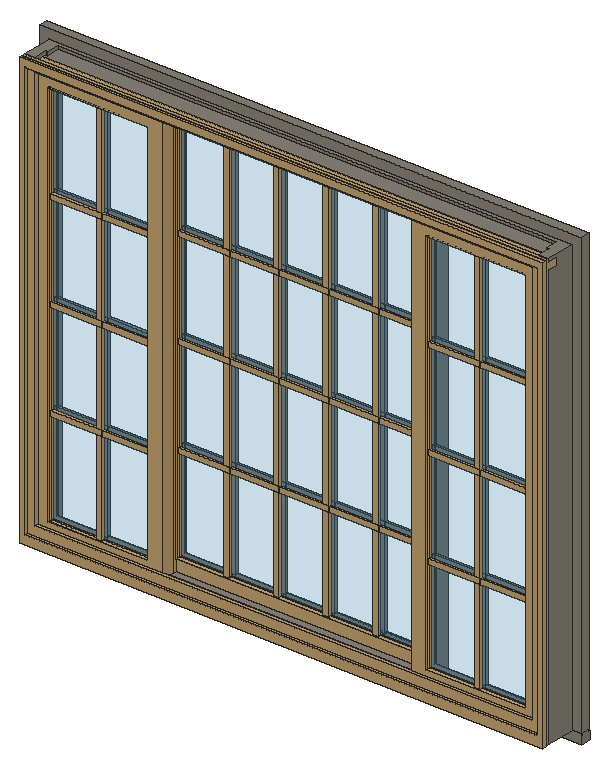
Revit family (continued)
Definition of nested family "Muntins"
  Dimensions and locks (in)
    aligned and locked: cut or joined group of Extrusion 7, Extrusion 8, Extrusion 9, Extrusion 10 to curve 10  (x2)
  Automatic sketch dimensions
    Extrusion 1 sketch curve to plane 4 = 0' - 0"
    Extrusion 1 sketch curve to plane 3 "Center (Left/Right)" = 0' - 0 3/8"
    Extrusion 2 sketch curve to plane 14 = 0' - 0"
    Extrusion 2 sketch curve to plane 5 = 0' - 0 3/8"
    Extrusion 7 sketch curve to plane 4 = 0' - 0"
    Extrusion 7 sketch curve to plane 19 = 0' - 0"
    Extrusion 8 sketch curve to plane 4 = 0' - 0"
    Extrusion 8 sketch curve to plane 20 = 0' - 0 3/4"
    Extrusion 9 sketch curve to plane 14 = 0' - 0"
    Extrusion 9 sketch curve to plane 17 = 0' - 0 3/4"
    Extrusion 10 sketch curve to plane 14 = 0' - 0"
    Extrusion 10 sketch curve to plane 18 = 0' - 0"
    plane 19 to curve 9 = 0' - 0 3/8"
    curve 10 to plane 20 = 0' - 0 3/8"
    plane 18 to curve 8 = 0' - 0 3/8"
    curve 7 to plane 17 = 0' - 0 3/8"
Definition of nested family "Casing_Clad"
  Parameters (values of type "Casing_Clad")
    Width = 16' - 0"
    Subsill Visibility = yes
    Subsill Offset = if(Flat Casing Visibility, 0' 3", if(BMC Visibility, 0' 1 5/16", 0' 0"))  # 0' - 1 5/16"
    Subsill Height = 0' - 1 11/32"
    Height = 12' - 0"
    Flat Casing Visibility = no
    Cladding Finish = Aluminum-Marvin-Bronze
    Casing Offset = if(BMC Visibility, 0' 0 3/16", 0' 0")  # 0' - 0 3/16"
    BMC Visibility = yes
    Assembly Code = ""
  Reference planes (in)
    plane 1 "Center (Front/Back)": y = 0
    plane 2: z = 0
    plane 3 "Center (Left/Right)": x = 0
    plane 4: z = 144
    plane 5: x = -96
    plane 6: x = 96
    plane 7 "Subsill": z = -1.34375
    plane 8 "Offset S": z = -0.1875
  Forms (in)
    Sweep 1, solid, material "Aluminum-Marvin-Bronze" <- "Cladding Finish", visible <- "BMC Visibility"
      path origin (0, 0, 0) x (1, 0, 0) y (0, 0, 1)
        loop
          line (-96, -0.1875) -> (-96, 144) -> (96, 144) -> (96, -0.1875)
      profile "BMC_Clad : BMC_Clad" origin (96, 0, 71.90625) x (1, 0, 0) y (0, -1, 0)
        loop
          line (0.71589, -1.25) -> (1.3125, -1.25) -> (1.3125, 0) -> (0, 0) -> (0, -1.09375) -> (0.38081, -1.09375) -> (0.71589, -1.25)
    Sweep 2, solid, material "Aluminum-Marvin-Bronze" <- "Cladding Finish", visible <- "Flat Casing Visibility"
      path origin (0, 0, 0) x (1, 0, 0) y (0, 0, 1)
        loop
          line (-96, 0) -> (-96, 144) -> (96, 144) -> (96, 0)
      profile "Flat_Casing_Clad : Flat_Casing_Clad" origin (96, 0, 72) x (1, 0, 0) y (0, -1, 0)
        loop
          line (3, -1.09375) -> (3, 0) -> (0, 0) -> (0, -1.09375) -> (3, -1.09375)
    Sweep 3, solid, material "Aluminum-Marvin-Bronze" <- "Cladding Finish", visible <- "Subsill Visibility"
      path origin (0, 0, 0) x (1, 0, 0) y (0, 0, 1)
        loop
          line (-97.3125, 0) -> (97.3125, 0)
      profile origin (0, 0, 0) x (0, 0, 1) y (0, -1, 0)
        loop
          line (0, 0) -> (-1.34375, 0) -> (-1.34375, -1.34375) -> (-0.1875, -1.34375) -> (-0.15265, -1.09401) -> (0, -1.09401) -> (0, 0)
  Lines and regions (in)
    Masking region 1, visible <- "Flat Casing Visibility"
      outline origin (0, 0, 0) x (1, 0, 0) y (0, 1, 0)
        loop
          line (-96, 0) -> (-96, 1.09375) -> (-99, 1.09375) -> (-99, 0) -> (-96, 0)
    Masking region 2, visible <- "Flat Casing Visibility"
      outline origin (0, 0, 0) x (0, 1, 0) y (-1, 0, 0)
        loop
          line (0, -96) -> (0, -99) -> (1.09375, -99) -> (1.09375, -96) -> (0, -96)
    Masking region 3, visible <- "BMC Visibility"
      outline origin (0, 0, 0) x (1, 0, 0) y (0, 1, 0)
        loop
          line (96, 1.09375) -> (96, 0) -> (97.3125, 0) -> (97.3125, 1.25) -> (96.71589, 1.25) -> (96.38081, 1.09375) -> (96, 1.09375)
    Masking region 4, visible <- "BMC Visibility"
      outline origin (0, 0, 0) x (0, 1, 0) y (-1, 0, 0)
        loop
          line (1.09375, 96) -> (1.09375, 96.38081) -> (1.25, 96.71589) -> (1.25, 97.3125) -> (0, 97.3125) -> (0, 96) -> (1.09375, 96)
    Masking region 5, visible <- "Flat Casing Visibility"
      outline origin (0, 0, 0) x (0, 1, 0) y (0, 0, 1)
        loop
          line (1.09375, 147) -> (0, 147) -> (0, 144) -> (1.09375, 144) -> (1.09375, 147)
    Masking region 6, visible <- "BMC Visibility"
      outline origin (0, 0, 0) x (0, 1, 0) y (0, 0, 1)
        loop
          line (1.25, 145.3125) -> (0, 145.3125) -> (0, 144) -> (1.09375, 144) -> (1.09375, 144.38081) -> (1.25, 144.71589) -> (1.25, 145.3125)
    Masking region 7, visible <- "Subsill Visibility"
      outline origin (0, 0, 0) x (0, 1, 0) y (0, 0, 1)
        loop
          line (1.34375, -0.1875) -> (1.09401, -0.15265) -> (1.09401, 0) -> (0, 0) -> (0, -1.34375) -> (1.34375, -1.34375) -> (1.34375, -0.1875)
    symbolic lines, style "Frame/Mullion", visible <- "BMC Visibility", detail levels coarse+medium
      curve 1: line (-96.71589, 1.25, 0) -> (-97.3125, 1.25, 0)
      curve 2: line (-96.38081, 1.09375, 0) -> (-96.71589, 1.25, 0)
      curve 3: line (-96, 1.09375, 0) -> (-96.38081, 1.09375, 0)
      curve 4: line (-97.3125, 1.25, 0) -> (-97.3125, 0, 0)
      curve 9: line (97.3125, 0, 0) -> (97.3125, 1.25, 0)
      curve 10: line (97.3125, 1.25, 0) -> (96.71589, 1.25, 0)
      curve 11: line (96.71589, 1.25, 0) -> (96.38081, 1.09375, 0)
      curve 12: line (96.38081, 1.09375, 0) -> (96, 1.09375, 0)
      curve 19: line (0, 1.25, 145.3125) -> (0, 0, 145.3125)
      curve 20: line (0, 1.25, 144.71589) -> (0, 1.25, 145.3125)
      curve 21: line (0, 1.09375, 144.38081) -> (0, 1.25, 144.71589)
      curve 22: line (0, 1.09375, 144) -> (0, 1.09375, 144.38081)
    symbolic lines, style "Frame/Mullion", visible <- "Flat Casing Visibility", detail levels coarse+medium
      curve 5: line (-99, 1.09375, 0) -> (-99, 0, 0)
      curve 6: line (-96, 1.09375, 0) -> (-99, 1.09375, 0)
      curve 7: line (99, 0, 0) -> (99, 1.09375, 0)
      curve 8: line (99, 1.09375, 0) -> (96, 1.09375, 0)
      curve 17: line (0, 1.09375, 147) -> (0, 0, 147)
      curve 18: line (0, 1.09375, 144) -> (0, 1.09375, 147)
    symbolic lines, style "Frame/Mullion", visible <- "Subsill Visibility", detail levels coarse+medium
      curve 13: line (0, 1.09401, -0.15265) -> (0, 1.09401, 0)
      curve 14: line (0, 1.34375, -0.1875) -> (0, 1.09401, -0.15265)
      curve 15: line (0, 1.34375, -1.34375) -> (0, 1.34375, -0.1875)
      curve 16: line (0, 0, -1.34375) -> (0, 1.34375, -1.34375)
  Dimensions and locks (in)
    "Width": plane 6 to plane 5
    equal spacing: plane 6, plane 3 "Center (Left/Right)", plane 5
    "Height": plane 4 to plane 2
    "Casing Offset": level to plane 8 "Offset S"
    "Subsill Height": level to plane 7 "Subsill"
    locked: Sweep 3 sketch curve to Sweep 3 sketch curve at 1.34375
    locked: Sweep 3 sketch curve to profile plane at 0.1875
    "Subsill Offset": plane 5 to Sweep 3 sketch curve
    "Subsill Offset": Sweep 3 sketch curve to plane 6
    locked: curve 17 to plane 4 at 3
    locked: curve 18 to plane 1 "Center (Front/Back)" at 1.09375
    locked: curve 19 to plane 4 at 1.3125
    curve 21 to curve 22 to plane 4 = 0' - 0.33508" locked, 0' - 0.38081" locked
    locked: curve 20 to plane 1 "Center (Front/Back)" at 1.25
    aligned and locked: plane 4 to Sweep 1 sketch curve
    aligned and locked: plane 5 to Sweep 1 sketch curve
    aligned and locked: plane 4 to Sweep 2 sketch curve
    aligned and locked: plane 5 to Sweep 2 sketch curve
    aligned and locked: Masking region 1 sketch curve to Sweep 1
    aligned and locked: Masking region 1 sketch curve to plane 1 "Center (Front/Back)"
    aligned and locked: Sweep 2 to Masking region 1 sketch curve
    aligned and locked: Masking region 1 sketch curve to Sweep 2
    aligned and locked: Masking region 2 sketch curve to Sweep 2  (x3)
    aligned and locked: Sweep 2 to Masking region 2 sketch curve
    aligned and locked: Masking region 3 sketch curve to Sweep 2
    aligned and locked: Masking region 3 sketch curve to Sweep 1  (x4)
    aligned and locked: Sweep 1 to Masking region 3 sketch curve
    aligned and locked: Masking region 4 sketch curve to Sweep 2
    aligned and locked: Masking region 4 sketch curve to Sweep 1  (x5)
    aligned and locked: Masking region 5 sketch curve to Sweep 2  (x2)
    aligned and locked: Sweep 1 to Masking region 5 sketch curve
    aligned and locked: Masking region 5 sketch curve to Sweep 1
    aligned and locked: Masking region 6 sketch curve to Sweep 1  (x6)
    aligned and locked: Masking region 2 to curve 8
    aligned and locked: Masking region 3 to curve 10
    aligned and locked: Masking region 3 to curve 12
    aligned and locked: Sweep 2 sketch curve to plane 6
    aligned and locked: Sweep 1 sketch curve to plane 6
    aligned and locked: curve 5 to Sweep 2
    aligned and locked: curve 4 to Sweep 1
    aligned and locked: Sweep 1 to curve 1
    aligned and locked: curve 2 to Sweep 1
    aligned and locked: Sweep 1 to curve 3
    aligned and locked: curve 7 to Sweep 2
    aligned and locked: curve 9 to Sweep 1
    aligned and locked: curve 11 to Sweep 1
    aligned and locked: plane 8 "Offset S" to Sweep 1 sketch curve  (x2)
    aligned and locked: Sweep 3 sketch curve to plane 2
    aligned and locked: plane 7 "Subsill" to Sweep 3 sketch curve
    aligned and locked: plane 2 to Sweep 2 sketch curve  (x2)
    aligned and locked: Masking region 7 sketch curve to Sweep 3  (x5)
    aligned and locked: Masking region 7 sketch curve to Sweep 2
    aligned and locked: curve 13 to Sweep 3
    aligned and locked: curve 14 to Sweep 3
    aligned and locked: curve 15 to Sweep 3
    aligned and locked: curve 16 to Sweep 3
    aligned and locked: Masking region 6 to curve 22
  Automatic sketch dimensions
    curve 4 to plane 1 "Center (Front/Back)" = 0' - 0"
    curve 5 to plane 1 "Center (Front/Back)" = 0' - 0"
    curve 7 to plane 1 "Center (Front/Back)" = 0' - 0"
    curve 9 to plane 1 "Center (Front/Back)" = 0' - 0"
    plane 5 to curve 6 = 0' - 0"
    curve 12 to plane 6 = 0' - 0"
    Sweep 3 sketch curve to Sweep 3 sketch curve = 0' - 0.03485"
    Sweep 3 sketch curve to Sweep 3 sketch curve = 0' - 0.15265"
    Sweep 3 sketch curve to plane 1 "Center (Front/Back)" = 0' - 1 11/32"
    Sweep 3 sketch curve to Sweep 3 sketch curve = 0' - 0.24974"
    curve 13 to level = 0' - 0"
    curve 16 to plane 1 "Center (Front/Back)" = 0' - 0"
    curve 17 to plane 1 "Center (Front/Back)" = 0' - 0"
    curve 19 to plane 1 "Center (Front/Back)" = 0' - 0"
    plane 4 to curve 22 = 0' - 0"
    curve 18 to curve 22 = 0' - 0"
Definition of nested family "Label Annotation 1-16 w9"
  Parameters
    Operator = ""
    Label = ""
    Egress Info = "EGRESS WDW"
    Description = "4848 GLDR"
  Reference planes (in)
    plane 1: y = 0
    plane 2: x = 0
  Text (in)
    label "Description Operator\n\nEgress Info" at (0.00375, -0.00345, 0), shows "Description", "Operator", "Egress Info"
Definition of nested family "Section_Detail"
  Parameters (values of type "Section_Detail")
    Subsill Visibility = yes
    Height = 4' - 11 1/2"
    Casing Visibility = yes
    Bottom Rail = 0' - 3 1/2"
    Assembly Code = ""
  Reference planes (in)
    plane 1 "Center (Front/Back)": y = 0
    plane 2: z = 0
    plane 3 "Center (Left/Right)": x = 0
    plane 4: y = 59.5
  Lines and regions (in)
    detail lines, style "DetailComponentsHiddenLines", in view "Ref. Level"
      curve 1: line (-0.55525, 1.97609, 0) -> (-0.55525, 57.71109, 0)
    detail lines, style "Cut Lines", in view "Ref. Level"
      curve 2: line (0.56587, 2.979, 0) -> (0.56587, 56.771, 0)
      curve 3: line (0.68787, 2.979, 0) -> (0.68787, 56.771, 0)
      curve 4: line (1.14587, 2.979, 0) -> (1.14587, 56.771, 0)
      curve 5: line (1.26787, 2.979, 0) -> (1.26787, 56.771, 0)
      curve 6: line (2.80025, 2.979, 0) -> (2.80025, 56.771, 0)
      curve 7: line (2.92225, 2.979, 0) -> (2.92225, 56.771, 0)
      curve 8: line (3.38025, 2.979, 0) -> (3.38025, 56.771, 0)
      curve 9: line (3.50225, 2.979, 0) -> (3.50225, 56.771, 0)
  Dimensions and locks (in)
    "Height": plane 4 to plane 1 "Center (Front/Back)"
    aligned and locked: plane 1 "Center (Front/Back)" to nested 1
    aligned and locked: plane 3 "Center (Left/Right)" to nested 1
    aligned and locked: nested 2 to plane 4
    aligned and locked: plane 3 "Center (Left/Right)" to nested 2
    aligned and locked: curve 1 to nested 1  (x2)
    aligned and locked: curve 1 to nested 2
    aligned and locked: curve 2 to nested 1  (x2)
    aligned and locked: nested 1 to curve 3
    aligned and locked: curve 3 to nested 1
    aligned and locked: curve 4 to nested 1  (x2)
    aligned and locked: nested 1 to curve 5
    aligned and locked: curve 5 to nested 1
    aligned and locked: curve 2 to nested 2
    aligned and locked: nested 2 to curve 3
    aligned and locked: curve 4 to nested 2
    aligned and locked: nested 2 to curve 5
    aligned and locked: curve 6 to nested 1  (x2)
    aligned and locked: nested 1 to curve 7
    aligned and locked: curve 7 to nested 1
    aligned and locked: curve 8 to nested 1  (x2)
    aligned and locked: nested 1 to curve 9
    aligned and locked: curve 9 to nested 1
    aligned and locked: curve 6 to nested 2
    aligned and locked: nested 2 to curve 7
    aligned and locked: curve 8 to nested 2
    aligned and locked: nested 2 to curve 9
  Nested families (in)
    nested 1: "Sill_Detail" at (0, 0, 0), type "Sill_Detail", in view "Ref. Level"
    nested 2: "Head_Detail" at (0, 59.5, 0), type "Head_Detail", in view "Ref. Level"
      with Flange Visibility no, Casing yes
  Definition of nested family "Sill_Detail"
    Parameters (values of type "Sill_Detail")
      Flange Visibility = not(Casing)  # no
      Casing = yes
      Bottom Rail = 0' - 3 1/2"
      Assembly Code = ""
    Reference planes (in)
      plane 1 "Center (Front/Back)": y = 0
      plane 2: z = 0
      plane 3 "Center (Left/Right)": x = 0
      plane 4: y = 3.5
    Lines and regions (in)
      detail lines, style "Cut Lines", in view "Ref. Level"
        curve 1: line (4.09375, 0, 0) -> (-1.09375, 0, 0)
        curve 2: line (4.09375, 0.8125, 0) -> (4.09375, 0, 0)
        curve 3: line (-1.09375, 0, 0) -> (-1.09375, 0.64543, 0)
        curve 4: line (4.5625, 0.8125, 0) -> (4.09375, 0.8125, 0)
        curve 5: line (4.5625, 2.5625, 0) -> (4.5625, 0.8125, 0)
        curve 6: line (4.104, 2.5625, 0) -> (4.5625, 2.5625, 0)
        curve 12: line (3.67287, 1.43315, 0) -> (4.104, 1.49374, 0)
        curve 13: line (4.104, 1.49374, 0) -> (4.104, 2.5625, 0)
        curve 14: line (3.24052, 2.02485, 0) -> (3.58185, 2.02485, 0)
        curve 15: line (3.5625, 1.87885, 0) -> (3.67287, 1.43315, 0)
        curve 16: line (3.5625, 2.02485, 0) -> (3.5625, 1.87885, 0)
        curve 17: line (3.1245, 1.36894, 0) -> (3.1245, 1.56199, 0)
        curve 18: line (3.2605, 2.02485, 0) -> (3.2605, 1.69799, 0)
        curve 19: line (3.1245, 1.56199, 0) -> (3.2605, 1.69799, 0)
        curve 20: line (1.3215, 1.62233, 0) -> (3.1245, 1.36894, 0)
        curve 21: line (0.99833, 2.02485, 0) -> (1.33967, 2.02485, 0)
        curve 22: line (1.3215, 2.02485, 0) -> (1.3215, 1.62233, 0)
        curve 23: line (1.0195, 1.76223, 0) -> (1.0195, 2.02485, 0)
        curve 24: line (0.7286, 1.60756, 0) -> (1.0195, 1.76223, 0)
        curve 25: line (0.41973, 1.60756, 0) -> (0.7286, 1.60756, 0)
        curve 26: line (0.41973, 1.38203, 0) -> (0.41973, 1.60756, 0)
        curve 27: line (-0.685, 0.70288, 0) -> (-0.685, 1.125, 0)
        curve 28: line (-0.685, 1.125, 0) -> (-0.16, 1.125, 0)
        curve 29: line (-0.16, 1.125, 0) -> (-0.16, 1.30055, 0)
        curve 30: line (-0.16, 1.30055, 0) -> (0.41973, 1.38203, 0)
        curve 31: line (-1.09375, 0.64543, 0) -> (-0.685, 0.70288, 0)
        curve 32: line (-0.21, 1.88609, 0) -> (-0.21, 1.22609, 0)
        curve 33: line (-0.21, 1.22609, 0) -> (-0.585, 1.22609, 0)
        curve 34: line (-0.585, 1.22609, 0) -> (-0.585, 1.78209, 0)
        curve 35: line (-0.585, 1.78209, 0) -> (-0.35825, 1.78209, 0)
        curve 36: line (-0.45025, 1.90409, 0) -> (-0.55525, 1.90409, 0)
        curve 37: line (-0.35825, 1.78209, 0) -> (-0.35825, 1.92834, 0)
        curve 38: line (-0.35825, 1.92834, 0) -> (-0.45025, 1.92834, 0)
        curve 39: line (-0.55525, 1.97609, 0) -> (-0.31, 1.97609, 0)
        curve 40: line (-0.31, 1.88609, 0) -> (-0.31, 1.97609, 0)
        curve 41: line (-0.31, 1.88609, 0) -> (-0.21, 1.88609, 0)
        curve 42: line (-0.45025, 1.92834, 0) -> (-0.45025, 1.90409, 0)
        curve 43: line (-0.55525, 1.97609, 0) -> (-0.55525, 1.90409, 0)
        curve 44: line (0.1875, 1.743, 0) -> (0.1875, 3.31511, 0)
        curve 45: line (1.76562, 3.292, 0) -> (1.76562, 1.743, 0)
        curve 46: line (1.76562, 1.743, 0) -> (1.407, 1.743, 0)
        curve 47: line (0.29595, 3.31511, 0) -> (0.48083, 3.5, 0)
        curve 48: line (0.1875, 3.31511, 0) -> (0.29595, 3.31511, 0)
        curve 49: line (1.28125, 3.5, 0) -> (1.4655, 3.5, 0)
        curve 50: line (0.53125, 2.823, 0) -> (1.28125, 2.823, 0)
        curve 51: line (0.53125, 3.5, 0) -> (0.53125, 2.823, 0)
        curve 52: line (1.6735, 3.292, 0) -> (1.76562, 3.292, 0)
        curve 53: line (1.6735, 3.292, 0) -> (1.4655, 3.5, 0)
        curve 54: line (0.48083, 3.5, 0) -> (0.53125, 3.5, 0)
        curve 55: line (1.28125, 2.823, 0) -> (1.28125, 3.5, 0)
        curve 56: line (0.56587, 2.979, 0) -> (0.68787, 2.979, 0)
        curve 57: line (0.68787, 3.104, 0) -> (1.14587, 3.104, 0)
        curve 58: line (0.68787, 3.354, 0) -> (1.14587, 3.354, 0)
        curve 59: line (1.14587, 2.979, 0) -> (1.26787, 2.979, 0)
        curve 60: line (2.42187, 1.743, 0) -> (2.42187, 3.31511, 0)
        curve 61: line (4, 3.292, 0) -> (4, 1.743, 0)
        curve 62: line (4, 1.743, 0) -> (3.64919, 1.743, 0)
        curve 63: line (2.53032, 3.31511, 0) -> (2.71521, 3.5, 0)
        curve 64: line (2.42187, 3.31511, 0) -> (2.53032, 3.31511, 0)
        curve 65: line (3.51562, 3.5, 0) -> (3.69987, 3.5, 0)
        curve 66: line (2.76562, 2.823, 0) -> (3.51562, 2.823, 0)
        curve 67: line (2.76562, 3.5, 0) -> (2.76562, 2.823, 0)
        curve 68: line (3.90787, 3.292, 0) -> (4, 3.292, 0)
        curve 69: line (3.90787, 3.292, 0) -> (3.69987, 3.5, 0)
        curve 70: line (2.71521, 3.5, 0) -> (2.76562, 3.5, 0)
        curve 71: line (3.51562, 2.823, 0) -> (3.51562, 3.5, 0)
        curve 72: line (2.80025, 2.979, 0) -> (2.92225, 2.979, 0)
        curve 73: line (2.92225, 3.104, 0) -> (3.38025, 3.104, 0)
        curve 74: line (2.92225, 3.354, 0) -> (3.38025, 3.354, 0)
        curve 75: line (3.38025, 2.979, 0) -> (3.50225, 2.979, 0)
        curve 76: line (0.99833, 2.02485, 0) -> (0.98342, 1.883, 0)
        curve 77: line (1.35458, 1.883, 0) -> (1.33967, 2.02485, 0)
        curve 78: line (0.81806, 1.743, 0) -> (0.1875, 1.743, 0)
        curve 79: line (0.98342, 1.883, 0) -> (0.81806, 1.883, 0)
        curve 80: line (1.407, 1.883, 0) -> (1.35458, 1.883, 0)
        curve 81: line (0.81806, 1.883, 0) -> (0.81806, 1.743, 0)
        curve 82: line (1.407, 1.743, 0) -> (1.407, 1.883, 0)
        curve 83: line (3.24052, 2.02485, 0) -> (3.22561, 1.883, 0)
        curve 84: line (3.59676, 1.883, 0) -> (3.58185, 2.02485, 0)
        curve 85: line (3.22561, 1.883, 0) -> (3.06025, 1.883, 0)
        curve 86: line (3.64919, 1.883, 0) -> (3.59676, 1.883, 0)
        curve 87: line (3.06025, 1.883, 0) -> (3.06025, 1.743, 0)
        curve 88: line (3.64919, 1.743, 0) -> (3.64919, 1.883, 0)
        curve 89: line (3.06025, 1.743, 0) -> (2.42187, 1.743, 0)
      detail lines, style "Cut Lines", in view "Ref. Level", visible <- "Flange Visibility"
        curve 7: line (-0.04499, -1.4675, 0) -> (-0.04499, 0, 0)
        curve 8: line (0, -0.14, 0) -> (0, -1.4675, 0)
        curve 9: line (0.11, 0, 0) -> (0.11, -0.14, 0)
        curve 10: line (0.11, -0.14, 0) -> (0, -0.14, 0)
        curve 11: line (-0.04499, -1.4675, 0) -> (0, -1.4675, 0)
      detail lines, style "Cut Lines", in view "Ref. Level", not visible
        curve 90: line (0.29595, 3.31511, 0) -> (0.48083, 3.5, 0)
        curve 91: line (0.1875, 3.31511, 0) -> (0.29595, 3.31511, 0)
        curve 92: line (1.28125, 3.5, 0) -> (1.4655, 3.5, 0)
        curve 93: line (0.53125, 2.823, 0) -> (1.28125, 2.823, 0)
        curve 94: line (0.53125, 3.5, 0) -> (0.53125, 2.823, 0)
        curve 95: line (1.6735, 3.292, 0) -> (1.76562, 3.292, 0)
        curve 96: line (1.6735, 3.292, 0) -> (1.4655, 3.5, 0)
        curve 97: line (0.48083, 3.5, 0) -> (0.53125, 3.5, 0)
        curve 98: line (1.28125, 2.823, 0) -> (1.28125, 3.5, 0)
        curve 99: line (0.56587, 2.979, 0) -> (0.68787, 2.979, 0)
        curve 100: line (0.68787, 3.104, 0) -> (1.14587, 3.104, 0)
        curve 101: line (0.68787, 3.354, 0) -> (1.14587, 3.354, 0)
        curve 102: line (1.14587, 2.979, 0) -> (1.26787, 2.979, 0)
        curve 103: line (2.53032, 3.31511, 0) -> (2.71521, 3.5, 0)
        curve 104: line (2.42187, 3.31511, 0) -> (2.53032, 3.31511, 0)
        curve 105: line (3.51562, 3.5, 0) -> (3.69987, 3.5, 0)
        curve 106: line (2.76562, 2.823, 0) -> (3.51562, 2.823, 0)
        curve 107: line (2.76562, 3.5, 0) -> (2.76562, 2.823, 0)
        curve 108: line (3.90787, 3.292, 0) -> (4, 3.292, 0)
        curve 109: line (3.90787, 3.292, 0) -> (3.69987, 3.5, 0)
        curve 110: line (2.71521, 3.5, 0) -> (2.76562, 3.5, 0)
        curve 111: line (3.51562, 2.823, 0) -> (3.51562, 3.5, 0)
        curve 112: line (2.80025, 2.979, 0) -> (2.92225, 2.979, 0)
        curve 113: line (2.92225, 3.104, 0) -> (3.38025, 3.104, 0)
        curve 114: line (2.92225, 3.354, 0) -> (3.38025, 3.354, 0)
        curve 115: line (3.38025, 2.979, 0) -> (3.50225, 2.979, 0)
        curve 116: line (3.67287, 1.43315, 0) -> (4.104, 1.49374, 0)
        curve 117: line (3.24052, 2.02485, 0) -> (3.58185, 2.02485, 0)
        curve 118: line (3.5625, 1.87885, 0) -> (3.67287, 1.43315, 0)
        curve 119: line (3.5625, 2.02485, 0) -> (3.5625, 1.87885, 0)
        curve 120: line (3.1245, 1.36894, 0) -> (3.1245, 1.56199, 0)
        curve 121: line (3.2605, 2.02485, 0) -> (3.2605, 1.69799, 0)
        curve 122: line (3.1245, 1.56199, 0) -> (3.2605, 1.69799, 0)
        curve 123: line (1.3215, 1.62233, 0) -> (3.1245, 1.36894, 0)
        curve 124: line (0.99833, 2.02485, 0) -> (1.33967, 2.02485, 0)
        curve 125: line (1.3215, 2.02485, 0) -> (1.3215, 1.62233, 0)
        curve 126: line (1.0195, 1.76223, 0) -> (1.0195, 2.02485, 0)
        curve 127: line (0.7286, 1.60756, 0) -> (1.0195, 1.76223, 0)
        curve 128: line (0.41973, 1.60756, 0) -> (0.7286, 1.60756, 0)
        curve 129: line (0.41973, 1.38203, 0) -> (0.41973, 1.60756, 0)
        curve 130: line (0.99833, 2.02485, 0) -> (0.98342, 1.883, 0)
        curve 131: line (1.35458, 1.883, 0) -> (1.33967, 2.02485, 0)
        curve 132: line (0.98342, 1.883, 0) -> (0.81806, 1.883, 0)
        curve 133: line (1.407, 1.883, 0) -> (1.35458, 1.883, 0)
        curve 134: line (0.81806, 1.883, 0) -> (0.81806, 1.743, 0)
        curve 135: line (1.407, 1.743, 0) -> (1.407, 1.883, 0)
        curve 136: line (3.24052, 2.02485, 0) -> (3.22561, 1.883, 0)
        curve 137: line (3.59676, 1.883, 0) -> (3.58185, 2.02485, 0)
        curve 138: line (3.22561, 1.883, 0) -> (3.06025, 1.883, 0)
        curve 139: line (3.64919, 1.883, 0) -> (3.59676, 1.883, 0)
        curve 140: line (3.06025, 1.883, 0) -> (3.06025, 1.743, 0)
        curve 141: line (3.64919, 1.743, 0) -> (3.64919, 1.883, 0)
        curve 142: line (4.5625, 0.8125, 0) -> (4.09375, 0.8125, 0)
        curve 143: line (4.5625, 2.5625, 0) -> (4.5625, 0.8125, 0)
        curve 144: line (4.104, 2.5625, 0) -> (4.5625, 2.5625, 0)
        curve 145: line (4.104, 1.49374, 0) -> (4.104, 2.5625, 0)
    Dimensions and locks (in)
      "Bottom Rail": plane 1 "Center (Front/Back)" to plane 4
      aligned and locked: plane 4 to curve 49
    Automatic sketch dimensions
      plane 1 "Center (Front/Back)" to curve 1 = 0' - 0"
      curve 8 to plane 3 "Center (Left/Right)" = 0' - 0"
      curve 7 to plane 3 "Center (Left/Right)" = 0' - 0.04499"
      curve 28 to plane 3 "Center (Left/Right)" = 0' - 0.16"
      curve 32 to plane 3 "Center (Left/Right)" = 0' - 0.21"
      curve 39 to curve 32 = 0' - 0.1"
      curve 35 to curve 40 = 0' - 0.04825"
      curve 38 to curve 37 = 0' - 0.092"
      curve 39 to curve 38 = 0' - 0.105"
      curve 35 to curve 36 = 0' - 0.02975"
      curve 28 to curve 33 = 0' - 0.1"
      curve 3 to curve 27 = 0' - 0.40875"
      plane 3 "Center (Left/Right)" to curve 9 = 0' - 0.11"
      plane 1 "Center (Front/Back)" to curve 8 = 0' - 0.14"
      curve 7 to curve 8 = 0' - 1.3275"
      curve 3 to curve 27 = 0' - 0.05745"
      curve 27 to curve 27 = 0' - 0.42212"
      curve 28 to curve 32 = 0' - 0.10109"
      curve 32 to curve 29 = 0' - 0.07446"
      curve 45 to curve 60 = 0' - 0"
      curve 29 to curve 35 = 0' - 0.48154"
      curve 35 to curve 40 = 0' - 0.104"
      curve 34 to curve 36 = 0' - 0.122"
      curve 36 to curve 38 = 0' - 0.02425"
      curve 36 to curve 43 = 0' - 0.072"
      plane 4 to curve 60 = 0' - 0.18489"
      plane 4 to curve 45 = 0' - 0.208"
      plane 4 to curve 61 = 0' - 0.208"
      plane 4 to curve 44 = 0' - 0.18489"
      plane 3 "Center (Left/Right)" to curve 78 = 0' - 0 3/16"
      curve 46 to curve 45 = 0' - 0.35863"
      plane 3 "Center (Left/Right)" to curve 30 = 0' - 0.41973"
      curve 30 to curve 78 = 0' - 0.39832"
      curve 89 to curve 62 = 0' - 0.58894"
      curve 30 to curve 44 = 0' - 0.36097"
      curve 78 to curve 46 = 0' - 0.58894"
      curve 60 to curve 89 = 0' - 0.63837"
      curve 62 to curve 62 = 0' - 0.35081"
      curve 3 to plane 1 "Center (Front/Back)" = 0' - 0.64543"
      curve 29 to curve 30 = 0' - 0.08148"
      curve 89 to curve 62 = 0' - 0"
      curve 25 to curve 25 = 0' - 0.30886"
      curve 24 to curve 79 = 0' - 0.08946"
      curve 79 to curve 76 = 0' - 0.16536"
      curve 76 to curve 76 = 0' - 0.01491"
      curve 76 to curve 24 = 0' - 0.03608"
      curve 23 to curve 20 = 0' - 0.302"
      curve 22 to curve 21 = 0' - 0.01817"
      curve 21 to curve 80 = 0' - 0.01491"
      curve 20 to curve 82 = 0' - 0.0855"
      curve 80 to curve 87 = 0' - 1.65325"
      curve 87 to curve 19 = 0' - 0.06425"
      curve 85 to curve 83 = 0' - 0.16536"
      curve 83 to curve 14 = 0' - 0.01491"
      curve 83 to curve 19 = 0' - 0.03489"
      curve 18 to curve 16 = 0' - 0.302"
      curve 16 to curve 14 = 0' - 0.01936"
      curve 15 to curve 86 = 0' - 0.03426"
      curve 84 to curve 88 = 0' - 0.05242"
      curve 88 to curve 12 = 0' - 0.02369"
      curve 12 to curve 12 = 0' - 0.43112"
      curve 17 to curve 26 = 0' - 0.01309"
      curve 17 to curve 15 = 0' - 0.06421"
      curve 12 to curve 12 = 0' - 0.06059"
      curve 17 to curve 17 = 0' - 0.19305"
      curve 26 to curve 25 = 0' - 0.22553"
      curve 24 to curve 20 = 0' - 0.01477"
      curve 17 to curve 19 = 0' - 0.136"
      curve 12 to curve 88 = 0' - 0.30985"
      curve 17 to curve 87 = 0' - 0.18101"
      curve 20 to curve 82 = 0' - 0.12067"
      curve 24 to curve 81 = 0' - 0.13544"
      curve 81 to curve 23 = 0' - 0.01923"
      curve 88 to curve 16 = 0' - 0.13585"
      curve 18 to curve 83 = 0' - 0.18501"
      curve 15 to curve 88 = 0' - 0.00415"
      curve 82 to curve 82 = 0' - 0.14"
      curve 23 to curve 76 = 0' - 0.12077"
      curve 77 to curve 77 = 0' - 0.14185"
      curve 83 to curve 83 = 0' - 0.14185"
      curve 14 to curve 6 = 0' - 0.53765"
      curve 45 to curve 60 = 0' - 0 21/32"
      curve 61 to curve 1 = 0' - 0 3/32"
      curve 2 to plane 1 "Center (Front/Back)" = 0' - 0 13/16"
      curve 2 to curve 89 = 0' - 0.9305"
      curve 12 to curve 5 = 0' - 0.4585"
      curve 5 to curve 17 = 0' - 0.55644"
      curve 4 to curve 5 = 0' - 0 15/32"
      curve 128 to curve 128 = 0' - 0.30886"
      curve 127 to curve 132 = 0' - 0.08946"
      curve 132 to curve 130 = 0' - 0.16536"
      curve 130 to curve 130 = 0' - 0.01491"
      curve 130 to curve 127 = 0' - 0.03608"
      curve 126 to curve 123 = 0' - 0.302"
      curve 125 to curve 124 = 0' - 0.01817"
      curve 124 to curve 133 = 0' - 0.01491"
      curve 123 to curve 135 = 0' - 0.0855"
      curve 133 to curve 140 = 0' - 1.65325"
      curve 140 to curve 122 = 0' - 0.06425"
      curve 138 to curve 136 = 0' - 0.16536"
      curve 136 to curve 117 = 0' - 0.01491"
      curve 136 to curve 122 = 0' - 0.03489"
      curve 121 to curve 119 = 0' - 0.302"
      curve 119 to curve 117 = 0' - 0.01936"
      curve 118 to curve 139 = 0' - 0.03426"
      curve 137 to curve 141 = 0' - 0.05242"
      curve 141 to curve 116 = 0' - 0.02369"
      curve 116 to curve 116 = 0' - 0.43112"
      curve 120 to curve 129 = 0' - 0.01309"
      curve 120 to curve 118 = 0' - 0.06421"
      curve 116 to curve 116 = 0' - 0.06059"
      curve 120 to curve 120 = 0' - 0.19305"
      curve 129 to curve 128 = 0' - 0.22553"
      curve 127 to curve 123 = 0' - 0.01477"
      curve 120 to curve 122 = 0' - 0.136"
      curve 116 to curve 141 = 0' - 0.30985"
      curve 120 to curve 140 = 0' - 0.18101"
      curve 123 to curve 135 = 0' - 0.12067"
      curve 127 to curve 134 = 0' - 0.13544"
      curve 134 to curve 126 = 0' - 0.01923"
      curve 141 to curve 119 = 0' - 0.13585"
      curve 121 to curve 136 = 0' - 0.18501"
      curve 118 to curve 141 = 0' - 0.00415"
      curve 135 to curve 135 = 0' - 0.14"
      curve 126 to curve 130 = 0' - 0.12077"
      curve 131 to curve 131 = 0' - 0.14185"
      curve 136 to curve 136 = 0' - 0.14185"
      curve 117 to curve 144 = 0' - 0.53765"
      curve 116 to curve 143 = 0' - 0.4585"
      curve 143 to curve 120 = 0' - 0.55644"
      curve 142 to curve 143 = 0' - 0 15/32"
  Definition of nested family "Head_Detail"
    Parameters (values of type "Head_Detail")
      Flange Visibility = not(Casing)  # yes
      Casing = no
      Assembly Code = ""
    Reference planes (in)
      plane 1 "Center (Front/Back)": y = 0
      plane 2: z = 0
      plane 3 "Center (Left/Right)": x = 0
    Lines and regions (in)
      detail lines, style "Cut Lines", in view "Ref. Level"
        curve 1: line (0.52786, 0, 0) -> (-1.09375, 0, 0)
        curve 7: line (0.1875, -1.493, 0) -> (0.1875, -3.06511, 0)
        curve 8: line (1.76562, -3.042, 0) -> (1.76562, -1.493, 0)
        curve 9: line (0.29595, -3.06511, 0) -> (0.48083, -3.25, 0)
        curve 10: line (0.1875, -3.06511, 0) -> (0.29595, -3.06511, 0)
        curve 11: line (1.28125, -3.25, 0) -> (1.4655, -3.25, 0)
        curve 12: line (0.53125, -2.573, 0) -> (1.28125, -2.573, 0)
        curve 13: line (0.53125, -3.25, 0) -> (0.53125, -2.573, 0)
        curve 14: line (1.6735, -3.042, 0) -> (1.76562, -3.042, 0)
        curve 15: line (1.6735, -3.042, 0) -> (1.4655, -3.25, 0)
        curve 16: line (0.48083, -3.25, 0) -> (0.53125, -3.25, 0)
        curve 17: line (1.28125, -2.573, 0) -> (1.28125, -3.25, 0)
        curve 18: line (0.56587, -2.729, 0) -> (0.68787, -2.729, 0)
        curve 19: line (0.68787, -2.854, 0) -> (1.14587, -2.854, 0)
        curve 20: line (0.68787, -3.104, 0) -> (1.14587, -3.104, 0)
        curve 21: line (1.14587, -2.729, 0) -> (1.26787, -2.729, 0)
        curve 22: line (2.42187, -1.493, 0) -> (2.42187, -3.06511, 0)
        curve 23: line (4, -3.042, 0) -> (4, -1.493, 0)
        curve 24: line (2.53032, -3.06511, 0) -> (2.71521, -3.25, 0)
        curve 25: line (2.42187, -3.06511, 0) -> (2.53032, -3.06511, 0)
        curve 26: line (3.51562, -3.25, 0) -> (3.69987, -3.25, 0)
        curve 27: line (2.76562, -2.573, 0) -> (3.51562, -2.573, 0)
        curve 28: line (2.76562, -3.25, 0) -> (2.76562, -2.573, 0)
        curve 29: line (3.90787, -3.042, 0) -> (4, -3.042, 0)
        curve 30: line (3.90787, -3.042, 0) -> (3.69987, -3.25, 0)
        curve 31: line (2.71521, -3.25, 0) -> (2.76562, -3.25, 0)
        curve 32: line (3.51562, -2.573, 0) -> (3.51562, -3.25, 0)
        curve 33: line (2.80025, -2.729, 0) -> (2.92225, -2.729, 0)
        curve 34: line (2.92225, -2.854, 0) -> (3.38025, -2.854, 0)
        curve 35: line (2.92225, -3.104, 0) -> (3.38025, -3.104, 0)
        curve 36: line (3.38025, -2.729, 0) -> (3.50225, -2.729, 0)
        curve 37: line (1.76562, -1.493, 0) -> (0.1875, -1.493, 0)
        curve 38: line (4, -1.493, 0) -> (2.42187, -1.493, 0)
        curve 39: line (-1.09375, 0, 0) -> (-1.09375, -0.71134, 0)
        curve 40: line (-0.685, -0.76878, 0) -> (-0.685, -0.78161, 0)
        curve 41: line (-0.685, -0.78161, 0) -> (-0.21, -0.78161, 0)
        curve 42: line (-1.09375, -0.71134, 0) -> (-0.685, -0.76878, 0)
        curve 43: line (-0.21, -1.69891, 0) -> (-0.21, -0.78161, 0)
        curve 44: line (-0.21, -1.03891, 0) -> (-0.585, -1.03891, 0)
        curve 45: line (-0.585, -1.03891, 0) -> (-0.585, -1.59491, 0)
        curve 46: line (-0.585, -1.59491, 0) -> (-0.35825, -1.59491, 0)
        curve 47: line (-0.45025, -1.71691, 0) -> (-0.55525, -1.71691, 0)
        curve 48: line (-0.35825, -1.59491, 0) -> (-0.35825, -1.74116, 0)
        curve 49: line (-0.35825, -1.74116, 0) -> (-0.45025, -1.74116, 0)
        curve 50: line (-0.55525, -1.78891, 0) -> (-0.31, -1.78891, 0)
        curve 51: line (-0.31, -1.69891, 0) -> (-0.31, -1.78891, 0)
        curve 52: line (-0.31, -1.69891, 0) -> (-0.21, -1.69891, 0)
        curve 53: line (-0.45025, -1.74116, 0) -> (-0.45025, -1.71691, 0)
        curve 54: line (-0.55525, -1.78891, 0) -> (-0.55525, -1.71691, 0)
        curve 55: line (0.096, -1.644, 0) -> (-0.21, -1.644, 0)
        curve 56: line (4.5625, -1.344, 0) -> (2.85991, -1.344, 0)
        curve 57: line (0.096, -1.344, 0) -> (0.096, -1.644, 0)
        curve 58: line (1.81561, -1.802, 0) -> (1.81561, -1.344, 0)
        curve 59: line (2.11561, -1.396, 0) -> (2.11561, -1.802, 0)
        curve 60: line (2.11561, -1.802, 0) -> (1.81561, -1.802, 0)
        curve 61: line (2.85991, -1.396, 0) -> (2.11561, -1.396, 0)
        curve 62: line (4.5625, -0.396, 0) -> (4.5625, -1.344, 0)
        curve 63: line (2.85991, -1.344, 0) -> (2.85991, -1.396, 0)
        curve 64: line (1.81561, -1.344, 0) -> (0.096, -1.344, 0)
        curve 65: line (0.52786, -0.396, 0) -> (4.5625, -0.396, 0)
        curve 66: line (0.52786, 0, 0) -> (0.52786, -0.396, 0)
      detail lines, style "Cut Lines", in view "Ref. Level", visible <- "Flange Visibility"
        curve 2: line (-0.04499, 1.4675, 0) -> (-0.04499, 0, 0)
        curve 3: line (0, 0.14, 0) -> (0, 1.4675, 0)
        curve 4: line (0.11, 0, 0) -> (0.11, 0.14, 0)
        curve 5: line (0.11, 0.14, 0) -> (0, 0.14, 0)
        curve 6: line (-0.04499, 1.4675, 0) -> (0, 1.4675, 0)
Definition of nested family "Plan_Detail"
  Parameters (values of type "Plan_Detail")
    Width = 6' - 0"
    DLO = (Width - 1' 6 13/32") / 4  # 1' - 1 51/128"
    Casing Visibility = no
    Assembly Code = ""
  Reference planes (in)
    plane 1 "Center (Front/Back)": y = 0
    plane 2: z = 0
    plane 3 "Center (Left/Right)": x = 6.10156
    plane 4: x = -29.89844
    plane 5: x = 42.10156
    plane 6: x = -12
    plane 7: x = 24.20313
    plane 8: x = -26.61719
    plane 9: x = 38.82031
    plane 10: x = -13.21875
    plane 11: x = -10.78125
    plane 12: x = 22.98438
    plane 13: x = 25.42188
  Lines and regions (in)
    detail lines, style "DetailComponentsHiddenLines", in view "Ref. Level"
      curve 1: line (40.35095, 0.55026, 0) -> (25.14062, 0.55026, 0)
      curve 14: line (-28.14783, 0.55026, 0) -> (-12.9375, 0.55026, 0)
    detail lines, style "Cut Lines", in view "Ref. Level"
      curve 2: line (24.90088, -2.81586, 0) -> (39.37256, -2.81586, 0)
      curve 3: line (24.90088, -2.93786, 0) -> (39.37256, -2.93786, 0)
      curve 4: line (24.90088, -3.39586, 0) -> (39.37256, -3.39586, 0)
      curve 5: line (24.90088, -3.51786, 0) -> (39.37256, -3.51786, 0)
      curve 6: line (-11.30225, -0.5815, 0) -> (23.50537, -0.5815, 0)
      curve 7: line (-11.30225, -0.7035, 0) -> (23.50537, -0.7035, 0)
      curve 8: line (-11.30225, -1.1615, 0) -> (23.50537, -1.1615, 0)
      curve 9: line (-11.30225, -1.2835, 0) -> (23.50537, -1.2835, 0)
      curve 10: line (-27.16944, -2.81586, 0) -> (-12.69775, -2.81586, 0)
      curve 11: line (-27.16944, -2.93786, 0) -> (-12.69775, -2.93786, 0)
      curve 12: line (-27.16944, -3.39586, 0) -> (-12.69775, -3.39586, 0)
      curve 13: line (-27.16944, -3.51786, 0) -> (-12.69775, -3.51786, 0)
  Dimensions and locks (in)
    equal spacing: plane 4, plane 3 "Center (Left/Right)", plane 5
    "Width": plane 4 to plane 5
    locked: plane 4 to plane 8 at 3.28125
    locked: plane 9 to plane 5 at 3.28125
    plane 10 to plane 6 to plane 11 = 0' - 1 7/32" locked, 0' - 1 7/32" locked
    plane 12 to plane 7 to plane 13 = 0' - 1 7/32" locked, 0' - 1 7/32" locked
    "DLO": plane 8 to plane 10
    "DLO": plane 13 to plane 9
    aligned and locked: nested 1 to plane 5
    aligned and locked: plane 1 "Center (Front/Back)" to nested 1
    aligned and locked: plane 1 "Center (Front/Back)" to nested 2
    aligned and locked: curve 1 to nested 1  (x2)
    aligned and locked: curve 2 to nested 2  (x2)
    aligned and locked: nested 2 to curve 3
    aligned and locked: curve 3 to nested 2
    aligned and locked: nested 1 to curve 3
    aligned and locked: curve 4 to nested 2
    aligned and locked: nested 2 to curve 5
    aligned and locked: curve 5 to nested 2
    aligned and locked: curve 4 to nested 1
    aligned and locked: nested 1 to curve 5
    aligned and locked: nested 2 to curve 6
    aligned and locked: nested 2 to curve 7
    aligned and locked: nested 2 to curve 8
    aligned and locked: nested 2 to curve 9
    aligned and locked: plane 7 to nested 2
    aligned and locked: plane 6 to nested 3
    aligned and locked: nested 3 to plane 1 "Center (Front/Back)"
    aligned and locked: plane 4 to nested 4
    aligned and locked: nested 4 to plane 1 "Center (Front/Back)"
    aligned and locked: curve 1 to nested 2
    aligned and locked: nested 3 to curve 6
    aligned and locked: nested 3 to curve 7
    aligned and locked: nested 3 to curve 8
    aligned and locked: nested 3 to curve 9
    aligned and locked: curve 10 to nested 4  (x2)
    aligned and locked: nested 4 to curve 11
    aligned and locked: curve 11 to nested 4
    aligned and locked: curve 12 to nested 4  (x2)
    aligned and locked: nested 4 to curve 13
    aligned and locked: curve 13 to nested 4
    aligned and locked: curve 14 to nested 4
    aligned and locked: nested 4 to curve 14
  Automatic sketch dimensions
    curve 14 to plane 6 = 0' - 0 15/16"
    curve 13 to plane 6 = 0' - 0.69775"
    curve 10 to plane 6 = 0' - 0.69775"
    curve 11 to curve 10 = 0' - 0"
    curve 12 to curve 13 = 0' - 0"
    curve 2 to curve 3 = 0' - 0"
    curve 5 to curve 4 = 0' - 0.122"
    plane 1 "Center (Front/Back)" to curve 9 = 0' - 1.2835"
    curve 9 to curve 8 = 0' - 0.122"
    curve 8 to curve 7 = 0' - 0.458"
    curve 7 to curve 6 = 0' - 0.122"
  Nested families (in)
    nested 1: "Jamb_Detail" at (42.10156, 0, 0), type "Jamb_Detail", in view "Ref. Level"
    nested 2: "Mtg_Stiles" at (24.20313, 0, 0), type "Mtg_Stiles", in view "Ref. Level"
    nested 3: "Mtg_Stiles" at (-12, 0, 0) x (-1, 0, 0) z (0, 0, 1), type "Mtg_Stiles", in view "Ref. Level"
    nested 4: "Jamb_Detail" at (-29.89844, 0, 0) x (-1, 0, 0) z (0, 0, 1), type "Jamb_Detail", in view "Ref. Level"
  Definition of nested family "Jamb_Detail"
    Parameters (values of type "Jamb_Detail")
      Flange Visibility = not(Casing Visibility)  # yes
      Casing Visibility = no
      Assembly Code = ""
    Reference planes (in)
      plane 1 "Center (Front/Back)": y = 0
      plane 2: z = 0
      plane 3 "Center (Left/Right)": x = 0
    Lines and regions (in)
      detail lines, style "Cut Lines", in view "Ref. Level"
        curve 1: line (0, 1.09201, 0) -> (0, -4.56349, 0)
        curve 2: line (-1.75, -4.56349, 0) -> (0, -4.56349, 0)
        curve 3: line (-1.34375, -2.26799, 0) -> (-1.34375, -4.10949, 0)
        curve 4: line (0, 1.09201, 0) -> (-0.71088, 1.09201, 0)
        curve 5: line (-0.71088, 1.09201, 0) -> (-0.78161, 0.58876, 0)
        curve 6: line (-0.78161, 0.58876, 0) -> (-0.78161, 0.18701, 0)
        curve 7: line (-0.78161, 0.18701, 0) -> (-1.644, 0.18701, 0)
        curve 8: line (-1.644, 0.30501, 0) -> (-1.644, -2.26799, 0)
        curve 14: line (-1.493, -2.43749, 0) -> (-3.06511, -2.43749, 0)
        curve 15: line (-3.042, -4.01562, 0) -> (-1.493, -4.01562, 0)
        curve 16: line (-1.493, -4.01562, 0) -> (-1.493, -2.43749, 0)
        curve 17: line (-3.06511, -2.54594, 0) -> (-3.25, -2.73083, 0)
        curve 18: line (-3.06511, -2.43749, 0) -> (-3.06511, -2.54594, 0)
        curve 19: line (-3.25, -3.53124, 0) -> (-3.25, -3.71549, 0)
        curve 20: line (-2.573, -2.78124, 0) -> (-2.573, -3.53124, 0)
        curve 21: line (-3.25, -2.78124, 0) -> (-2.573, -2.78124, 0)
        curve 22: line (-3.042, -3.92349, 0) -> (-3.042, -4.01562, 0)
        curve 23: line (-3.042, -3.92349, 0) -> (-3.25, -3.71549, 0)
        curve 24: line (-3.25, -2.73083, 0) -> (-3.25, -2.78124, 0)
        curve 25: line (-2.573, -3.53124, 0) -> (-3.25, -3.53124, 0)
        curve 26: line (-1.00061, 0.18701, 0) -> (-1.00061, 0.58001, 0)
        curve 27: line (-1.00061, 0.58001, 0) -> (-1.55661, 0.58001, 0)
        curve 28: line (-1.75061, 0.55026, 0) -> (-1.75061, 0.30501, 0)
        curve 29: line (-1.55661, 0.58001, 0) -> (-1.55661, 0.35326, 0)
        curve 30: line (-1.55661, 0.35326, 0) -> (-1.70261, 0.35326, 0)
        curve 31: line (-1.67861, 0.44526, 0) -> (-1.67861, 0.55026, 0)
        curve 32: line (-1.644, 0.30501, 0) -> (-1.75061, 0.30501, 0)
        curve 33: line (-1.67861, 0.55026, 0) -> (-1.75061, 0.55026, 0)
        curve 34: line (-1.67861, 0.44526, 0) -> (-1.70261, 0.44526, 0)
        curve 35: line (-1.70261, 0.44526, 0) -> (-1.70261, 0.35326, 0)
        curve 36: line (-2.729, -2.81586, 0) -> (-2.729, -2.93786, 0)
        curve 37: line (-2.854, -2.93786, 0) -> (-2.854, -3.39586, 0)
        curve 38: line (-3.104, -2.93786, 0) -> (-3.104, -3.39586, 0)
        curve 39: line (-2.729, -3.39586, 0) -> (-2.729, -3.51786, 0)
        curve 40: line (-1.75, -4.56349, 0) -> (-1.75, -4.10949, 0)
        curve 41: line (-1.75, -4.10949, 0) -> (-1.34375, -4.10949, 0)
        curve 42: line (-1.34375, -2.26799, 0) -> (-1.644, -2.26799, 0)
      detail lines, style "Cut Lines", in view "Ref. Level", visible <- "Flange Visibility"
        curve 9: line (1.4775, 0.045, 0) -> (0, 0.045, 0)
        curve 10: line (0.15, 0.00001, 0) -> (1.4775, 0.00001, 0)
        curve 11: line (0.15, -0.09999, 0) -> (0.15, 0.00001, 0)
        curve 12: line (0, -0.10999, 0) -> (0.14, -0.10999, 0)
        curve 13: line (1.4775, 0.045, 0) -> (1.4775, 0.00001, 0)
    Dimensions and locks (in)
      aligned: plane 3 "Center (Left/Right)" to curve 1
  Definition of nested family "Mtg_Stiles"
    Parameters (values of type "Mtg_Stiles")
      Assembly Code = ""
    Reference planes (in)
      plane 1 "Center (Front/Back)": y = 0
      plane 2: z = 0
      plane 3 "Center (Left/Right)": x = 0
    Lines and regions (in)
      detail lines, style "Cut Lines", in view "Ref. Level"
        curve 1: line (0.1537, -2.43749, 0) -> (1.03386, -2.43749, 0)
        curve 2: line (1.01075, -4.01562, 0) -> (-0.96875, -4.01562, 0)
        curve 3: line (-0.96875, -4.01562, 0) -> (-0.96875, -2.18749, 0)
        curve 4: line (1.03386, -2.54594, 0) -> (1.21875, -2.73083, 0)
        curve 5: line (1.03386, -2.43749, 0) -> (1.03386, -2.54594, 0)
        curve 6: line (1.21875, -3.53124, 0) -> (1.21875, -3.71549, 0)
        curve 7: line (0.54175, -2.78124, 0) -> (0.54175, -3.53124, 0)
        curve 8: line (1.21875, -2.78124, 0) -> (0.54175, -2.78124, 0)
        curve 9: line (1.01075, -3.92349, 0) -> (1.01075, -4.01562, 0)
        curve 10: line (1.01075, -3.92349, 0) -> (1.21875, -3.71549, 0)
        curve 11: line (1.21875, -2.73083, 0) -> (1.21875, -2.78124, 0)
        curve 12: line (0.54175, -3.53124, 0) -> (1.21875, -3.53124, 0)
        curve 13: line (0.69775, -2.81586, 0) -> (0.69775, -2.93786, 0)
        curve 14: line (0.82275, -2.93786, 0) -> (0.82275, -3.39586, 0)
        curve 15: line (1.07275, -2.93786, 0) -> (1.07275, -3.39586, 0)
        curve 16: line (0.69775, -3.39586, 0) -> (0.69775, -3.51786, 0)
        curve 17: line (0.96875, -0.20312, 0) -> (-1.03386, -0.20312, 0)
        curve 18: line (-1.01075, -2.10937, 0) -> (0.64816, -2.10937, 0)
        curve 19: line (0.96875, -2.10937, 0) -> (0.96875, -0.20312, 0)
        curve 20: line (-1.03386, -0.31157, 0) -> (-1.21875, -0.49645, 0)
        curve 21: line (-1.03386, -0.20312, 0) -> (-1.03386, -0.31157, 0)
        curve 22: line (-1.21875, -1.29687, 0) -> (-1.21875, -1.48111, 0)
        curve 23: line (-0.54175, -0.54687, 0) -> (-0.54175, -1.29687, 0)
        curve 24: line (-1.21875, -0.54687, 0) -> (-0.54175, -0.54687, 0)
        curve 25: line (-1.01075, -1.68911, 0) -> (-1.01075, -2.10937, 0)
        curve 26: line (-1.01075, -1.68911, 0) -> (-1.21875, -1.48111, 0)
        curve 27: line (-1.21875, -0.49645, 0) -> (-1.21875, -0.54687, 0)
        curve 28: line (-0.54175, -1.29687, 0) -> (-1.21875, -1.29687, 0)
        curve 29: line (-0.69775, -0.58149, 0) -> (-0.69775, -0.70349, 0)
        curve 30: line (-0.82275, -0.70349, 0) -> (-0.82275, -1.16149, 0)
        curve 31: line (-1.07275, -0.70349, 0) -> (-1.07275, -1.16149, 0)
        curve 32: line (-0.69775, -1.16149, 0) -> (-0.69775, -1.28349, 0)
        curve 33: line (-0.96875, -2.18749, 0) -> (0.5737, -2.18749, 0)
        curve 34: line (0.5737, -2.24749, 0) -> (0.1537, -2.24749, 0)
        curve 35: line (0.1537, -2.24749, 0) -> (0.1537, -2.43749, 0)
        curve 36: line (0.70816, -2.33752, 0) -> (0.35495, -2.33752, 0)
        curve 37: line (0.35495, -2.27752, 0) -> (0.64816, -2.27752, 0)
        curve 38: line (0.64816, -2.27752, 0) -> (0.64816, -2.10937, 0)
        curve 39: line (0.70816, -2.10937, 0) -> (0.70816, -2.33752, 0)
        curve 40: line (0.5737, -2.24749, 0) -> (0.5737, -2.18749, 0)
        curve 41: line (0.35495, -2.27752, 0) -> (0.35495, -2.33752, 0)
        curve 42: line (0.70816, -2.10937, 0) -> (0.96875, -2.10937, 0)
        curve 43: line (-0.39239, 0.18701, 0) -> (0.13024, 0.18701, 0)
        curve 44: line (0.1875, 0.18701, 0) -> (0.1875, 0.58001, 0)
        curve 45: line (0.9375, 0.55026, 0) -> (0.9375, 0.30501, 0)
        curve 46: line (0.7435, 0.58001, 0) -> (0.7435, 0.35326, 0)
        curve 47: line (0.7435, 0.35326, 0) -> (0.8895, 0.35326, 0)
        curve 48: line (0.8655, 0.44526, 0) -> (0.8655, 0.55026, 0)
        curve 49: line (0.83089, 0.30501, 0) -> (0.9375, 0.30501, 0)
        curve 50: line (0.8655, 0.55026, 0) -> (0.9375, 0.55026, 0)
        curve 51: line (0.8655, 0.44526, 0) -> (0.8895, 0.44526, 0)
        curve 52: line (0.8895, 0.44526, 0) -> (0.8895, 0.35326, 0)
        curve 53: line (0.83089, 0.18701, 0) -> (0.83089, 0.30501, 0)
        curve 54: line (0.18024, 0.13701, 0) -> (0.70286, 0.13701, 0)
        curve 55: line (0.18024, -0.09375, 0) -> (0.18024, 0.13701, 0)
        curve 56: line (-0.02973, 0.13701, 0) -> (-0.02973, -0.09375, 0)
        curve 57: line (-0.39239, 0.13701, 0) -> (-0.02973, 0.13701, 0)
        curve 58: line (0.18024, -0.09375, 0) -> (-0.02973, -0.09375, 0)
        curve 59: line (0.70286, 0.13701, 0) -> (0.70286, 0.18701, 0)
        curve 60: line (-0.39239, 0.13701, 0) -> (-0.39239, 0.18701, 0)
        curve 61: line (0.13024, 0.63001, 0) -> (0.13024, 0.49951, 0)
        curve 62: line (0.70286, 0.63001, 0) -> (0.13024, 0.63001, 0)
        curve 63: line (0.70286, 0.58001, 0) -> (0.70286, 0.63001, 0)
        curve 64: line (0.1875, 0.58001, 0) -> (0.7435, 0.58001, 0)
        curve 65: line (0.1875, 0.18701, 0) -> (0.83089, 0.18701, 0)
        curve 66: line (0, 0.49951, 0) -> (0.13024, 0.49951, 0)
        curve 67: line (0, 0.44951, 0) -> (0.13024, 0.44951, 0)
        curve 68: line (0, 0.44951, 0) -> (0, 0.49951, 0)
        curve 69: line (0.13024, 0.44951, 0) -> (0.13024, 0.18701, 0)
